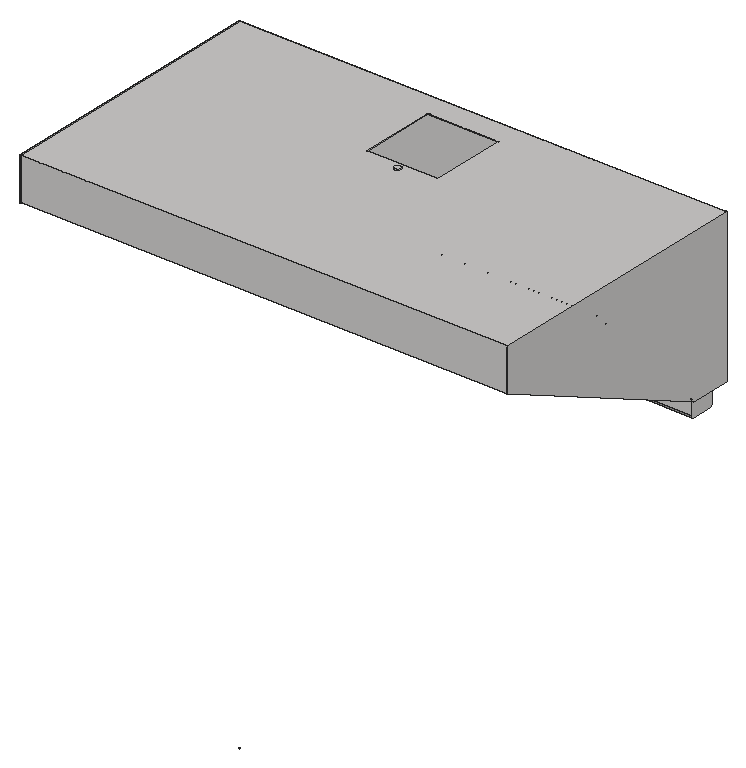
Revit family "QF_ELECTROLUXPROFESSIONAL_644184_AMPV916BT", category Attrezzature speciali, Revit 2021
Family settings
  Quota connettore circolare = Usa diametro
  Tipo di parte = Normale
  Basato su piano di lavoro = No
  Sempre verticale = Sì
  Taglio con vuoti quando caricato = No
  Condiviso = No
  Punto di calcolo locali = No
Parameters (values of type "Standard")
  Weight = 47.00 kg
  Watts = 300 W
  Volts = 220 V
  URL Manufacturer = "https://www.electroluxprofessional.com/"
  URL = "https://www.electroluxprofessional.com/"
  Steam Supply Size = 0 mm
  Steam Supply Minimum Pressure = 0.0 Pa
  Steam Supply Maximum Pressure = 0.0 Pa
  Steam Consumption per Hour = 0
  Refrigeration Suction Line Size = 0 mm
  Refrigeration Liquid Line Size = 0 mm
  Refrigerant Compressor Remote = yes
  Prospetto di default = 0 mm
  Produttore = "Electrolux Professional"
  Phase = 1
  Modello = "AMPV916BT"
  Length Actual = 1600 mm  # constant formula
  Item Number = "644184"
  Hot Water Size = 0 mm
  Height Actual = 500 mm  # constant formula
  HP = "0.4 HP"
  Gas Size = 0 mm
  Gas KW = 0
  Gas Input Pressure = 0 W
  Direct Waste Size = 0 mm
  Descrizione = "430 S/S WALL HOOD+FILTERS+FAN 1600X900MM"
  Depth Actual = 900 mm  # constant formula
  Cycle = 50 Hz
  Condensate Return Size = 0 mm
  Compressed Air Volume = 0.0 L/s
  Compressed Air Size = 0 mm
  Compressed Air Pressure = 0.0 Pa
  Cold Water Size = 0 mm
  Accessory = yes
Reference planes
  plane 1: z = 0
  plane 2 "Center (Left/Right)": x = 150
  plane 3 "LEFT": x = -650
  plane 4 "RIGHT": x = 950
  plane 5 "BACK": y = 550
  plane 6 "Plane": z = 2000
  plane 7 "TOP": z = 2140
  plane 8 "Base": z = 1640
  plane 9: z = 1566
  plane 10 "DrainY": y = 485
  plane 11: x = -647
  plane 12: through (0, 414.509, 1640.8) normal (0, 0.7314, 0.682)
  plane 13: y = 470
  plane 14: y = 220
  plane 15 "DrainX": x = 830
  plane 16: x = 33.5
  plane 17: x = 266.5
  plane 18: x = 947
  plane 19: x = 740
  plane 20: x = 920
  plane 21: x = -450
  plane 22: x = 750
  plane 23: x = -47.5
  plane 24: x = 347.5
  plane 25 "Center (Front/Back)": y = 100
  plane 26: y = -350
  plane 27: y = 200
Forms (mm)
  Extrusion 1, solid, material "QF_Finishes_Stainless Steel"
    sketch origin (-650, 0, 0) x (0, 1, 0) y (0, 0, 1)
      loop
        line (550, 1640) -> (550, 2140) -> (-350, 2140) -> (-350, 1998.603) -> (413.973, 1640) -> (550, 1640)
    from 0 to 3
  Extrusion 2, solid, material "QF_Finishes_Stainless Steel"
    sketch origin (150, 0, 0) x (0, 1, 0) y (0, 0, 1)
      loop
        line (415.255, 1640) -> (550, 1640) -> (550, 2139.19) -> (549.2, 2139.19) -> (549.2, 1640.8) -> (415.876, 1640.8) -> (339.347, 1722.867) -> (349.609, 1732.436) -> (348.927, 1733.167) -> (337.934, 1722.917) -> (415.255, 1640)
      loop
        line (-82.203, 2139.19) -> (-82.203, 2118.6) -> (-31.047, 2118.6) -> (34.354, 2048.466) -> (46.028, 2059.352) -> (45.346, 2060.083) -> (34.403, 2049.879) -> (-30.612, 2119.6) -> (-81.203, 2119.6) -> (-81.203, 2139.19) -> (-82.203, 2139.19)
    from -797 to 797
  Extrusion 3, solid, material "QF_Finishes_Stainless Steel"
    sketch origin (950, 0, 0) x (0, 1, 0) y (0, 0, 1)
      loop
        line (550, 1640) -> (550, 2140) -> (-350, 2140) -> (-350, 1998.603) -> (413.973, 1640) -> (550, 1640)
    from 0 to -3
  Extrusion 4, solid, material "QF_Finishes_Stainless Steel"
    sketch origin (150, 0, 0) x (0, 1, 0) y (0, 0, 1)
      loop
        line (-350, 2140) -> (-350, 2000) -> (-349.2, 2000) -> (-349.2, 2139.19) -> (550, 2139.19) -> (550, 2140) -> (-350, 2140)
    from -800 to 800
  Extrusion 5, solid, material "QF_Finishes_Stainless Steel"
    sketch origin (150, 0, 0) x (0, 1, 0) y (0, 0, 1)
      loop
        line (534, 1640) -> (436, 1640) -> (436, 1627) -> (443.5, 1627) -> (443.5, 1576)
        arc (443.5, 1576) -> (446.429, 1568.929) -> (453.5, 1566) r 10
        line (453.5, 1566) -> (516.5, 1566)
        arc (516.5, 1566) -> (523.571, 1568.929) -> (526.5, 1576) r 10
        line (526.5, 1576) -> (526.5, 1627) -> (534, 1627) -> (534, 1640)
    from 590 to 770
  Extrusion 6, solid, material "QF_Finishes_Stainless Steel"
    sketch origin (0, 0, 1640) x (0, 1, 0) y (-1, 0, 0)
      loop
        circle (485, -830) r 20
    from -76 to -74
  Extrusion 7, solid, material "QF_Finished_Chrome"
    sketch origin (150, 0, 0) x (0, 1, 0) y (0, 0, 1)
      loop
        line (337.934, 1722.917) -> (341.591, 1726.327) -> (38.011, 2051.876) -> (34.354, 2048.466) -> (337.934, 1722.917)
    from -197.5 to -600
  Extrusion 8, solid, material "QF_Finishes_Stainless Steel"
    sketch origin (150, 0, 0) x (0, 1, 0) y (0, 0, 1)
      loop
        line (337.934, 1722.917) -> (341.591, 1726.327) -> (38.011, 2051.876) -> (34.354, 2048.466) -> (337.934, 1722.917)
    from 797 to 600
  Extrusion 9, solid, material "QF_Finished_Chrome"
    sketch origin (150, 0, 0) x (0, 1, 0) y (0, 0, 1)
      loop
        line (341.588, 1726.324) -> (38.009, 2051.874) -> (34.354, 2048.466) -> (337.934, 1722.917) -> (341.588, 1726.324)
    from 197.5 to 600
  Extrusion 10, void
    sketch origin (0, 0, 2140) x (0, 1, 0) y (-1, 0, 0)
      loop
        line (470, -266.5) -> (470, -33.5) -> (220, -33.5) -> (220, -266.5) -> (470, -266.5)
    from 0 to -10
  Extrusion 11, solid, material "QF_Finishes_Stainless Steel"
    sketch origin (0, 0, 0) x (1, 0, 0) y (0, 1, 0)
      loop
        line (-650, 550) -> (-650, 549) -> (-649, 549) -> (-649, 550) -> (-650, 550)
    from 0 to 1
  Extrusion 12, solid, material "QF_Finishes_Stainless Steel"
    sketch origin (150, 0, 0) x (0, 1, 0) y (0, 0, 1)
      loop
        line (337.934, 1722.917) -> (341.591, 1726.327) -> (38.011, 2051.876) -> (34.354, 2048.466) -> (337.934, 1722.917)
    from -600 to -797
  Extrusion 13, solid, material "QF_Finishes_Stainless Steel"
    sketch origin (150, 0, 0) x (0, 1, 0) y (0, 0, 1)
      loop
        line (337.934, 1722.917) -> (341.591, 1726.327) -> (38.011, 2051.876) -> (34.354, 2048.466) -> (337.934, 1722.917)
    from 197.5 to -197.5
  Extrusion 14, solid, material "QF_Finishes_Stainless Steel"
    sketch origin (0, 0, 2140) x (0, 1, 0) y (-1, 0, 0)
      loop
        circle (200, -150) r 10
    from 0 to 1.6
Cuts and joins
  Extrusion 10 cuts Extrusion 4
  joined: Extrusion 2, Extrusion 4
Lines and regions (mm)
  reference lines
    curve 1: line (150, 34.354, 2048.466) -> (150, 34.354, 1888.466)
  symbolic lines, style "SpecialityEquipment", detail levels coarse
    curve 2: line (950, 550, 2140) -> (-650, 550, 2140)
    curve 3: line (-650, 550, 2140) -> (-650, -350, 2140)
    curve 4: line (950, -350, 2140) -> (950, 550, 2140)
    curve 5: line (-650, -350, 2140) -> (950, -350, 2140)
    curve 6: line (266.5, 220, 2140) -> (33.5, 220, 2140)
    curve 7: line (266.5, 470, 2140) -> (266.5, 220, 2140)
    curve 8: line (33.5, 470, 2140) -> (266.5, 470, 2140)
    curve 9: line (33.5, 220, 2140) -> (33.5, 470, 2140)
    curve 10: line (-650, 550, 0) -> (950, -350, 0)
    curve 11: line (950, 550, 0) -> (-650, -350, 0)
Dimensions and locks
  plane 3 "LEFT" to plane 4 "RIGHT" = 1600 mm
  equal spacing: plane 3 "LEFT", plane 2 "Center (Left/Right)", plane 4 "RIGHT"
  locked: plane 6 "Plane" to level at 2000
  plane 7 "TOP" to plane 6 "Plane" = 140 mm
  locked: plane 7 "TOP" to plane 8 "Base" at 500
  plane 8 "Base" to plane 9 = 74 mm
  plane 5 "BACK" to plane 10 "DrainY" = 65 mm  (x2)
  plane 3 "LEFT" to plane 11 = 3 mm
  plane 5 "BACK" to plane 13 = 80 mm
  plane 13 to plane 14 = 250 mm  (x2)
  plane 15 "DrainX" to plane 4 "RIGHT" = 120 mm
  plane 18 to plane 4 "RIGHT" = 3 mm
  locked: plane 19 to plane 15 "DrainX" at 90
  locked: plane 15 "DrainX" to plane 20 at 90
  plane 13 to plane 5 "BACK" = 80 mm
  plane 3 "LEFT" to plane 21 = 200 mm
  plane 22 to plane 4 "RIGHT" = 200 mm
  locked: plane 23 to plane 24 at 395
  equal spacing: plane 23, plane 2 "Center (Left/Right)", plane 24
  locked: plane 16 to plane 17 at 233
  equal spacing: plane 16, plane 2 "Center (Left/Right)", plane 17
  locked: plane 5 "BACK" to plane 26 at 900
  equal spacing: plane 5 "BACK", plane 25 "Center (Front/Back)", plane 26
  plane 14 to plane 26 = 570 mm
  plane 5 "BACK" to plane 26 = 900 mm
  plane 14 to plane 27 = 20 mm
  aligned and locked: level to plane 1
  aligned and locked: Extrusion 2 to Extrusion 1
  aligned and locked: Extrusion 2 to Extrusion 3
  aligned and locked: plane 4 "RIGHT" to Extrusion 4
  aligned and locked: Extrusion 4 to plane 3 "LEFT"
  aligned and locked: plane 18 to Extrusion 8
  aligned and locked: Extrusion 10 to plane 16
  aligned and locked: Extrusion 10 to plane 14
  aligned and locked: Extrusion 10 to plane 13
  aligned and locked: Extrusion 2 to Extrusion 4
  aligned and locked: plane 20 to Extrusion 5
  aligned and locked: Extrusion 5 to plane 19
  aligned and locked: Extrusion 8 to plane 22
  aligned and locked: Extrusion 9 to plane 22
  aligned and locked: Extrusion 7 to plane 21
  aligned and locked: Extrusion 12 to plane 11
  aligned and locked: plane 21 to Extrusion 12
  aligned and locked: Extrusion 3 to plane 18
  aligned and locked: Extrusion 10 to plane 17
  aligned and locked: plane 17 to curve 7
  aligned and locked: plane 24 to Extrusion 13
  aligned and locked: Extrusion 13 to plane 23
  aligned and locked: Extrusion 9 to plane 24
Automatic sketch dimensions
  curve 5 to plane 4 "RIGHT" = 0 mm
  curve 6 to plane 14 = 0 mm
  plane 13 to curve 8 = 0 mm
  curve 3 to plane 3 "LEFT" = 0 mm
  curve 3 to plane 5 "BACK" = 0 mm
  curve 6 to plane 16 = 0 mm
  Extrusion 2 sketch curve to plane 12 = 0 mm  (x3)
  Extrusion 2 sketch curve to plane 8 "Base" = 0 mm
  plane 12 to Extrusion 2 sketch curve = 0 mm
  Extrusion 2 sketch curve to plane 5 "BACK" = 0 mm
  Extrusion 2 sketch curve to Extrusion 2 sketch curve = 65.646 mm
  Extrusion 2 sketch curve to Extrusion 2 sketch curve = 0.682 mm  (x2)
  Extrusion 2 sketch curve to Extrusion 2 sketch curve = 10.261 mm
  plane 8 "Base" to Extrusion 2 sketch curve = 82.917 mm
  Extrusion 2 sketch curve to Extrusion 2 sketch curve = 10.942 mm
  Extrusion 2 sketch curve to Extrusion 2 sketch curve = 0.049 mm
  Extrusion 2 sketch curve to plane 7 "TOP" = 20.4 mm
  Extrusion 2 sketch curve to plane 7 "TOP" = 21.4 mm
  Extrusion 2 sketch curve to plane 7 "TOP" = 0.81 mm  (x2)
  Extrusion 2 sketch curve to Extrusion 2 sketch curve = 50.156 mm
  Extrusion 2 sketch curve to Extrusion 2 sketch curve = 1 mm
  plane 8 "Base" to Extrusion 2 sketch curve = 0.8 mm
  Extrusion 2 sketch curve to plane 5 "BACK" = 0.8 mm
  Extrusion 4 sketch curve to plane 6 "Plane" = 0 mm
  Extrusion 4 sketch curve to plane 5 "BACK" = 0 mm
  Extrusion 4 sketch curve to plane 7 "TOP" = 0 mm
  Extrusion 4 sketch curve to plane 7 "TOP" = 0.81 mm
  curve 1 to plane 12 = 0 mm
  curve 1 to plane 6 "Plane" = 111.534 mm
  Extrusion 5 sketch curve to plane 8 "Base" = 0 mm
  Extrusion 5 sketch curve to plane 9 = 0 mm
  Extrusion 5 sketch curve to plane 8 "Base" = 13 mm  (x2)
  plane 13 to Extrusion 5 sketch curve = 34 mm
  Extrusion 5 sketch curve to Extrusion 5 sketch curve = 7.5 mm  (x2)
  Extrusion 5 sketch curve to Extrusion 5 sketch curve = 10 mm
  plane 10 "DrainY" to Extrusion 5 sketch curve = 31.5 mm
  Extrusion 5 sketch curve to plane 5 "BACK" = 23.5 mm
  Extrusion 6 sketch curve to plane 10 "DrainY" = 0 mm
  Extrusion 6 sketch curve to plane 15 "DrainX" = 0 mm
  Extrusion 7 sketch curve to plane 12 = 0 mm  (x2)
  Extrusion 7 sketch curve to Extrusion 7 sketch curve = 3.657 mm
  plane 8 "Base" to Extrusion 7 sketch curve = 82.917 mm
  Extrusion 8 sketch curve to plane 12 = 0 mm  (x2)
  Extrusion 8 sketch curve to Extrusion 8 sketch curve = 3.657 mm
  plane 8 "Base" to Extrusion 8 sketch curve = 82.917 mm
  Extrusion 9 sketch curve to plane 12 = 0 mm  (x2)
  Extrusion 9 sketch curve to Extrusion 9 sketch curve = 3.655 mm
  plane 8 "Base" to Extrusion 9 sketch curve = 82.917 mm
  Extrusion 10 sketch curve to plane 14 = 0 mm
  plane 13 to Extrusion 10 sketch curve = 0 mm
  Extrusion 10 sketch curve to plane 17 = 0 mm
  Extrusion 10 sketch curve to plane 16 = 0 mm
  Extrusion 11 sketch curve to plane 3 "LEFT" = 0 mm
  Extrusion 11 sketch curve to plane 5 "BACK" = 0 mm
  plane 3 "LEFT" to Extrusion 11 sketch curve = 1 mm
  Extrusion 11 sketch curve to Extrusion 11 sketch curve = 1 mm
  Extrusion 12 sketch curve to plane 12 = 0 mm  (x2)
  Extrusion 12 sketch curve to Extrusion 12 sketch curve = 3.657 mm
  plane 8 "Base" to Extrusion 12 sketch curve = 82.917 mm
  Extrusion 13 sketch curve to plane 12 = 0 mm  (x2)
  Extrusion 13 sketch curve to Extrusion 13 sketch curve = 3.657 mm
  plane 8 "Base" to Extrusion 13 sketch curve = 82.917 mm
  Extrusion 4 sketch curve to Extrusion 4 sketch curve = 0.8 mm
  curve 5 to plane 14 = 570 mm
  plane 6 "Plane" to Extrusion 2 sketch curve = 48.466 mm
  Extrusion 4 sketch curve to plane 14 = 569.2 mm
  curve 1 to plane 14 = 185.646 mm
  plane 6 "Plane" to Extrusion 7 sketch curve = 51.876 mm
  plane 6 "Plane" to Extrusion 8 sketch curve = 51.876 mm
  plane 6 "Plane" to Extrusion 9 sketch curve = 51.874 mm
  plane 6 "Plane" to Extrusion 12 sketch curve = 51.876 mm
  plane 6 "Plane" to Extrusion 13 sketch curve = 51.876 mm
  Extrusion 3 sketch curve to plane 5 "BACK" = 0 mm
  Extrusion 1 sketch curve to plane 26 = 0 mm
  Extrusion 1 sketch curve to plane 8 "Base" = 0 mm
  Extrusion 1 sketch curve to plane 5 "BACK" = 0 mm
  Extrusion 1 sketch curve to plane 7 "TOP" = 0 mm
  plane 13 to Extrusion 1 sketch curve = 56.027 mm
  Extrusion 1 sketch curve to plane 6 "Plane" = 1.397 mm
  Extrusion 3 sketch curve to plane 8 "Base" = 0 mm
  plane 13 to Extrusion 3 sketch curve = 56.027 mm
  Extrusion 3 sketch curve to plane 26 = 0 mm
  Extrusion 3 sketch curve to plane 6 "Plane" = 1.397 mm
  Extrusion 3 sketch curve to plane 7 "TOP" = 0 mm
  curve 11 to plane 3 "LEFT" = 0 mm
  curve 10 to plane 3 "LEFT" = 0 mm
  curve 11 to plane 4 "RIGHT" = 0 mm
  curve 10 to plane 4 "RIGHT" = 0 mm
  curve 10 to plane 26 = 0 mm
  curve 11 to plane 26 = 0 mm
  curve 11 to plane 5 "BACK" = 0 mm
  curve 10 to plane 5 "BACK" = 0 mm
  Extrusion 14 sketch curve to plane 2 "Center (Left/Right)" = 0 mm
  Extrusion 14 sketch curve to plane 27 = 0 mm
  radius of Extrusion 6 sketch curve = 20 mm
  radius of Extrusion 14 sketch curve = 10 mm
Connectors
  piping at (830, 485, 1564), diameter 20
    settings: on Extrusion 6, index 1, connector inside diameter 609.6 mm, connector length 0 mm, flow factor 0, pipe flow 0.0 L/s, pressure drop 0.0 Pa, fitting loss kfactor 0, connector angle 0.00°, fixture units 0, engagement length 0 mm, angle of deflection 0.00°, flow configuration 1, flow direction 2, fitting loss method 0, system type 16, joint type 0, gender type 0, connector reference index -1, connector utility 0, adjustable connector no, is connector primary yes, connector description "Drain"
  hvac at (150, 345, 2140)
    settings: on Extrusion 10, index 2, duct flow 0.0 L/s, flow factor 0, pres drop 0.0 Pa, loss coef 0, conn angle 0.00°, conn width 250 mm, conn height 233 mm, conn diameter 609.6 mm, duct sys type 3, conn prof type 1, flow config 1, flow direction 0, loss method 0, conn ref index -1, conn util no, is conn primary yes, conn desc "EXHAUST OUTLET"
  electrical at (150, 200, 2141.6), driven by "Volts"
    settings: on Extrusion 14, index 3, voltage 220 V, apparent load 0 VA, apparent load phase1 0 VA, apparent load phase2 0 VA, apparent load phase3 0 VA, power factor 1, load classification "Other", number of poles 1, system type 30, power factor state 1, is connector primary yes, connector utility no, sub classification motor no, connector description "Electrical Connection"
